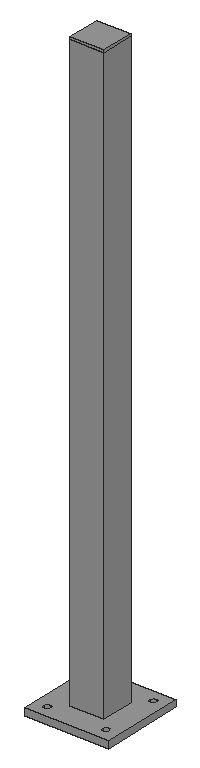
Revit family "Palmshield-Atlas-Louver-Post", category Specialty Equipment, Revit 2025
Family settings
  Round Connector Dimension = Use Diameter
  Part Type = Normal
  OmniClass Number = 23.55.00.00
  OmniClass Title = Manufactured Structures
  Work Plane-Based = No
  Enable Cutting in Views = No
  Always vertical = No
  Cut with Voids When Loaded = No
  Maintain Annotation Orientation = No
  Shared = No
  Room Calculation Point = No
Parameters (values of type "Assembly")
  Warranty URL = "https://palmshieldlouvers.com/wp-content/uploads/2020/01/PalmSHIELD-Warranty-NO-SIGN-LINE.pdf"
  Version = "2020 - v1.0a"  # constant formula
  URL = "https://palmshieldlouvers.com/"
  Product Page URL = "https://palmshieldlouvers.com/products/atlas-louver/"
  Product Documentation Link = "https://palmshieldlouvers.com/wp-content/uploads/2022/10/PalmSHIELD-Horizontal-Louvers-Technical-Data-Sheets-updated-100722.pdf"
  Model = "Atlas - Aluminum - Post Assembly"  # constant formula
  Material = Metal - PalmSHIELD - Dusty Grey
  Manufacturer Phone Number = "531-329-4406 "  # constant formula
  Manufacturer Email = "mailto: info@palmshieldlouvers.com"
  Manufacturer Address = "12330 Cary Circle, La Vista, NE 68128"  # constant formula
  Manufacturer = "PalmSHIELD"  # constant formula
  Keynote = "05 10 00"
  Instruction Sheet Link = "https://palmshieldlouvers.com/wp-content/uploads/2020/01/PalmSHIELD-Post-Panel-Gate-Installation-Instructions-REV-1.pdf"
  ID [instance] = "Not Assigned"
  Height [instance] = if(Desired Overall Height < C Min Height, C Min Height, if(Desired Overall Height > C Max Height, C Max Height, Desired Overall Height))  # 6' - 0"
  Desired Overall Height [instance] = 6' - 0"
  Description = "Atlas - Aluminum"  # constant formula
  Default Elevation = 0' - 0"
  Copyright = "Copyright ©2024 The American Fence Company and PalmSHIELD. All Rights Reserved."  # constant formula
  Component Vis [instance] = yes
  Component Name [instance] = "Atlas - Aluminum - Square Post"  # constant formula
  C Post Width = 0' - 3"  # constant formula
  C Min Height [instance] = 3' - 4"  # constant formula
  C Max Height [instance] = 12' - 0"  # constant formula
  Assembly Code = "F1020100"
Reference planes (in)
  plane 1 "Center (Front/Back)": y = 0
  plane 2: z = 0
  plane 3 "Center (Left/Right)": x = 0
  plane 4: z = 72
  plane 5: y = 1.5
  plane 6: y = -1.5
  plane 7: x = 1.5
  plane 8: x = -1.5
Lines and regions (in)
  reference lines
    curve 1: line (-23.79961, 0, 72) -> (24.20039, 0, 72)
Dimensions and locks (in)
  "Desired Overall Height": curve 1 to plane 2
  "Height": plane 4 to plane 2
  equal spacing: plane 8, plane 3 "Center (Left/Right)", plane 7
  equal spacing: plane 5, plane 1 "Center (Front/Back)", plane 6
  "C Post Width": plane 5 to plane 6
  "C Post Width": plane 8 to plane 7
  aligned and locked: plane 2 to level
Automatic sketch dimensions
  curve 1 to plane 8 = 1' - 10.29961"
  curve 1 to plane 7 = 1' - 10.70039"
Nested families (in)
  nested 1: "Screening-Louver-Assembly-Post-Palmshield-Atlas" at (0, 0, 0), Desired Overall Height <- "Desired Overall Height", Overall Height <- "Height", ID <- "ID", Component Vis <- "Component Vis", type "Assembly"
    with Overall Height 6' - 0", ID "Not Assigned", Desired Overall Height 6' - 0", Component Vis yes, Component Name "Atlas - Post Assembly"
  nested 2: "Nested-Base_Plate-Palmshield-Atlas" at (0, 0, 0), type "10" x 10" x 3/4""
    with Material Metal - PalmSHIELD - Dusty Grey, ID "Not Assigned", Component Name "Atlas - Aluminum - Base Plate"
  nested 3: "Nested-Square_Post-Palmshield-Atlas" at (0, 0, 0.75), type "4" X 4" X 1/4" SQ. TUBE"
    with Material Metal - PalmSHIELD - Dusty Grey, Length 5' - 11", ID "Not Assigned", Component Name "Atlas - Aluminum - Square Post"
  nested 4: "Nested-Top_Cap-Palmshield-Atlas" at (0, 0, 71.75), type "4" x 4" x 1/4""
    with Material Metal - PalmSHIELD - Dusty Grey, ID "Not Assigned", Component Name "Atlas - Aluminum - Square Top Cap"
Definition of nested family "Nested-Base_Plate-Palmshield-Atlas"
  Parameters (values of type "10" x 10" x 3/4"")
    Width = 0' - 10"  # constant formula
    Warranty URL = "https://palmshieldlouvers.com/wp-content/uploads/2020/01/PalmSHIELD-Warranty-NO-SIGN-LINE.pdf"
    Version = "2020 - v1.0a"  # constant formula
    URL = "https://palmshieldlouvers.com/"
    Thickness = 0' - 0 3/4"  # constant formula
    Product Page URL = "https://palmshieldlouvers.com/products/louvers/"
    Product Documentation Link = "https://palmshieldlouvers.com/wp-content/uploads/2022/10/PalmSHIELD-Horizontal-Louvers-Technical-Data-Sheets-updated-100722.pdf"
    Model = "Atlas"  # constant formula
    Material [instance] = none
    Manufacturer Phone Number = "531-329-4406 "  # constant formula
    Manufacturer Fax Number = "Consult Manufacturer Website for More Information"  # constant formula
    Manufacturer Email = "mailto: info@palmshieldlouvers.com"
    Manufacturer Address = "12330 Cary Circle, La Vista, NE 68128"  # constant formula
    Manufacturer = "PalmSHIELD"  # constant formula
    Keynote = "05 10 00"
    Instruction Sheet Link = "https://palmshieldlouvers.com/wp-content/uploads/2020/01/PalmSHIELD-Post-Panel-Gate-Installation-Instructions-REV-1.pdf"
    ID [instance] = ""
    Hole Diameter = 0' - 0 3/4"  # constant formula
    Description = "Atlas - Base Plate"  # constant formula
    Default Elevation = 4' - 0"
    Copyright = "Copyright ©2024 The American Fence Company and PalmSHIELD. All Rights Reserved."  # constant formula
    Component Name [instance] = "Atlas - Aluminum - Base Plate"  # constant formula
    C Hole Offset = 0' - 1 1/2"  # constant formula
    Assembly Code = "F1020100"
  Reference planes (in)
    plane 1 "Center (Front/Back)": y = 0
    plane 2: z = 0
    plane 3 "Center (Left/Right)": x = 0
    plane 4: y = 5
    plane 5: x = 5
    plane 6: y = -5
    plane 7: x = -5
    plane 8: z = 0.75
  Forms (in)
    Extrusion 1, solid
      sketch origin (0, 0, 0) x (1, 0, 0) y (0, 1, 0)
        loop
          line (-48, 48) -> (-48, -48) -> (48, -48) -> (48, 48) -> (-48, 48)
      from 0 to -12
    Extrusion 2, solid, material <- "Material"
      sketch origin (0, 0, 0) x (1, 0, 0) y (0, 1, 0)
        loop
          line (-5, 5) -> (-5, -5) -> (5, -5) -> (5, 5) -> (-5, 5)
        loop
          circle (-3.5, 3.5) r 0.375
        loop
          circle (3.5, 3.5) r 0.375
        loop
          circle (-3.5, -3.5) r 0.375
        loop
          circle (3.5, -3.5) r 0.375
      from 0 to 0.75
  Dimensions and locks (in)
    equal spacing: plane 7, plane 3 "Center (Left/Right)", plane 5
    equal spacing: plane 4, plane 1 "Center (Front/Back)", plane 6
    "Width": plane 7 to plane 5
    "Width": plane 4 to plane 6
    "C Hole Offset": plane 7 to Extrusion 2 sketch curve  (x2)
    "C Hole Offset": Extrusion 2 sketch curve to plane 5  (x2)
    "C Hole Offset": plane 4 to Extrusion 2 sketch curve  (x2)
    "C Hole Offset": plane 6 to Extrusion 2 sketch curve  (x2)
    "Thickness": plane 8 to plane 2
    "Hole Diameter": diameter of Extrusion 2 sketch curve  (x4)
    aligned and locked: plane 2 to Extrusion 1
    aligned and locked: level to Extrusion 1
    aligned and locked: Extrusion 2 sketch curve to plane 4
    aligned and locked: plane 7 to Extrusion 2 sketch curve
    aligned and locked: Extrusion 2 sketch curve to plane 6
    aligned and locked: Extrusion 2 sketch curve to plane 5
    aligned and locked: plane 8 to Extrusion 2
  Automatic sketch dimensions
    Extrusion 1 sketch curve to Extrusion 1 sketch curve = 8' - 0"  (x2)
Definition of nested family "Nested-Square_Post-Palmshield-Atlas"
  Parameters (values of type "4" X 4" X 1/4" SQ. TUBE")
    Width = 0' - 4"  # constant formula
    Warranty URL = "https://palmshieldlouvers.com/wp-content/uploads/2020/01/PalmSHIELD-Warranty-NO-SIGN-LINE.pdf"
    Version = "2020 - v1.0a"  # constant formula
    URL = "https://palmshieldlouvers.com/"
    Thickness = 0' - 0 1/4"  # constant formula
    Product Page URL = "https://palmshieldlouvers.com/products/louvers/"
    Product Documentation Link = "https://palmshieldlouvers.com/wp-content/uploads/2022/10/PalmSHIELD-Horizontal-Louvers-Technical-Data-Sheets-updated-100722.pdf"
    Model = "Atlas"  # constant formula
    Material [instance] = none
    Manufacturer Phone Number = "531-329-4406 "  # constant formula
    Manufacturer Fax Number = "Consult Manufacturer Website for More Information"  # constant formula
    Manufacturer Email = "mailto: info@palmshieldlouvers.com"
    Manufacturer Address = "12330 Cary Circle, La Vista, NE 68128"  # constant formula
    Manufacturer = "PalmSHIELD"  # constant formula
    Length [instance] = 4' - 4.86713"
    Keynote = "05 10 00"
    Instruction Sheet Link = "https://palmshieldlouvers.com/wp-content/uploads/2020/01/PalmSHIELD-Post-Panel-Gate-Installation-Instructions-REV-1.pdf"
    ID [instance] = ""
    Description = "Atlas - Post"  # constant formula
    Default Elevation = 4' - 0"
    Copyright = "Copyright ©2024 The American Fence Company and PalmSHIELD. All Rights Reserved."  # constant formula
    Component Name [instance] = "Atlas - Aluminum - Square Post"  # constant formula
    Assembly Code = "F1020100"
  Reference planes (in)
    plane 1 "Center (Front/Back)": y = 0
    plane 2: z = 0
    plane 3 "Center (Left/Right)": x = 0
    plane 4: z = 52.86713
    plane 5: x = 2
    plane 6: x = -2
  Forms (in)
    Extrusion 1, solid
      sketch origin (0, 0, 0) x (1, 0, 0) y (0, 1, 0)
        loop
          line (-48, 48) -> (-48, -48) -> (48, -48) -> (48, 48) -> (-48, 48)
      from 0 to -12
    Sweep 2, solid, material <- "Material"
      path origin (0, 0, 0) x (0, 1, 0) y (0, 0, 1)
        loop
          line (0, 0) -> (0, 52.86713)
      profile "Profile-Palmshield-Square : 4" X 4" X 1/4" SQ. TUBE" origin (0, 0, 26.43357) x (0, -1, 0) y (1, 0, 0)
        loop
          line (1.75, 1.75) -> (-1.75, 1.75) -> (-1.75, -1.75) -> (1.75, -1.75) -> (1.75, 1.75)
        loop
          line (-2, -2) -> (2, -2) -> (2, 2) -> (-2, 2) -> (-2, -2)
  Dimensions and locks (in)
    "Length": plane 4 to plane 2
    equal spacing: plane 5, plane 3 "Center (Left/Right)", plane 6
    "Width": plane 5 to plane 6
    aligned and locked: plane 2 to Extrusion 1
    aligned and locked: level to Extrusion 1
    aligned and locked: plane 1 "Center (Front/Back)" to Sweep 2 sketch curve
    aligned and locked: plane 4 to Sweep 2 sketch curve
  Automatic sketch dimensions
    Extrusion 1 sketch curve to Extrusion 1 sketch curve = 8' - 0"  (x2)
    Sweep 2 sketch curve to level = 0' - 0"
Definition of nested family "Nested-Top_Cap-Palmshield-Atlas"
  Parameters (values of type "4" x 4" x 1/4"")
    Width = 0' - 4"  # constant formula
    Warranty URL = "https://palmshieldlouvers.com/wp-content/uploads/2020/01/PalmSHIELD-Warranty-NO-SIGN-LINE.pdf"
    Version = "2020 - v1.0a"  # constant formula
    URL = "https://palmshieldlouvers.com/"
    Thickness = 0' - 0 1/4"  # constant formula
    Product Page URL = "https://palmshieldlouvers.com/products/louvers/"
    Product Documentation Link = "https://palmshieldlouvers.com/wp-content/uploads/2022/10/PalmSHIELD-Horizontal-Louvers-Technical-Data-Sheets-updated-100722.pdf"
    Model = "Atlas"  # constant formula
    Material [instance] = none
    Manufacturer Phone Number = "531-329-4406 "  # constant formula
    Manufacturer Fax Number = "Consult Manufacturer Website for More Information"  # constant formula
    Manufacturer Email = "mailto: info@palmshieldlouvers.com"
    Manufacturer Address = "12330 Cary Circle, La Vista, NE 68128"  # constant formula
    Manufacturer = "PalmSHIELD"  # constant formula
    Keynote = "05 10 00"
    Instruction Sheet Link = "https://palmshieldlouvers.com/wp-content/uploads/2020/01/PalmSHIELD-Post-Panel-Gate-Installation-Instructions-REV-1.pdf"
    ID [instance] = ""
    Description = "Atlas - Top Cap"  # constant formula
    Default Elevation = 4' - 0"
    Copyright = "Copyright ©2024 The American Fence Company and PalmSHIELD. All Rights Reserved."  # constant formula
    Component Name [instance] = "Atlas - Aluminum - Square Top Cap"  # constant formula
    Assembly Code = "F1020100"
  Reference planes (in)
    plane 1 "Center (Front/Back)": y = 0
    plane 2: z = 0
    plane 3 "Center (Left/Right)": x = 0
    plane 4: y = 2
    plane 5: x = 2
    plane 6: y = -2
    plane 7: x = -2
    plane 8: z = 0.25
  Forms (in)
    Extrusion 1, solid
      sketch origin (0, 0, 0) x (1, 0, 0) y (0, 1, 0)
        loop
          line (-48, 48) -> (-48, -48) -> (48, -48) -> (48, 48) -> (-48, 48)
      from 0 to -12
    Extrusion 2, solid, material <- "Material"
      sketch origin (0, 0, 0) x (1, 0, 0) y (0, 1, 0)
        loop
          line (-2, 2) -> (-2, -2) -> (2, -2) -> (2, 2) -> (-2, 2)
      from 0 to 0.25
  Dimensions and locks (in)
    equal spacing: plane 7, plane 3 "Center (Left/Right)", plane 5
    equal spacing: plane 4, plane 1 "Center (Front/Back)", plane 6
    "Width": plane 7 to plane 5
    "Width": plane 4 to plane 6
    "Thickness": plane 8 to plane 2
    aligned and locked: plane 2 to Extrusion 1
    aligned and locked: level to Extrusion 1
    aligned and locked: Extrusion 2 sketch curve to plane 4
    aligned and locked: plane 7 to Extrusion 2 sketch curve
    aligned and locked: Extrusion 2 sketch curve to plane 6
    aligned and locked: Extrusion 2 sketch curve to plane 5
    aligned and locked: plane 8 to Extrusion 2
  Automatic sketch dimensions
    Extrusion 1 sketch curve to Extrusion 1 sketch curve = 8' - 0"  (x2)
Definition of nested family "Screening-Louver-Assembly-Post-Palmshield-Atlas"
  Parameters (values of type "Default")
    Width = 0' - 4"  # constant formula
    Warranty URL = "https://palmshieldlouvers.com/wp-content/uploads/2020/01/PalmSHIELD-Warranty-NO-SIGN-LINE.pdf"
    Version = "2020 - v1.0a"  # constant formula
    URL = "https://palmshieldlouvers.com/"
    Top Cap Thickness = 0' - 0 1/4"  # constant formula
    Product Page URL = "https://palmshieldlouvers.com/products/louvers/"
    Product Documentation Link = "https://palmshieldlouvers.com/wp-content/uploads/2022/10/PalmSHIELD-Horizontal-Louvers-Technical-Data-Sheets-updated-100722.pdf"
    Overall Height [instance] = if(Desired Overall Height < 3' 0", 3' 0", if(Desired Overall Height > 12' 0", 12' 0", Desired Overall Height))  # 6' - 0"
    Model = "Atlas - Post Assembly"  # constant formula
    Material = none
    Manufacturer Phone Number = "531-329-4406 "  # constant formula
    Manufacturer Fax Number = "Consult Manufacturer Website for More Information"  # constant formula
    Manufacturer Email = "mailto: info@palmshieldlouvers.com"
    Manufacturer Address = "12330 Cary Circle, La Vista, NE 68128"  # constant formula
    Manufacturer = "PalmSHIELD"  # constant formula
    Keynote = "05 10 00"
    Instruction Sheet Link = "https://palmshieldlouvers.com/wp-content/uploads/2020/01/PalmSHIELD-Post-Panel-Gate-Installation-Instructions-REV-1.pdf"
    ID [instance] = "Not Assigned"
    Gusset Side Offset = 0' - 0 1/2"  # constant formula
    Desired Overall Height [instance] = 6' - 0"
    Description = "Atlas - Post Assembly"  # constant formula
    Default Elevation = 4' - 0"
    Copyright = "Copyright ©2024 The American Fence Company and PalmSHIELD. All Rights Reserved."  # constant formula
    Component Vis [instance] = yes
    Component Name [instance] = "Atlas - Post Assembly"  # constant formula
    C Panel Offset from Ground = 0' - 2"  # constant formula
    Base Plate Thickness = 0' - 0 3/4"  # constant formula
    Assembly Code = "F1020100"
  Reference planes (in)
    plane 1 "Center (Front/Back)": y = 0
    plane 2: z = 0
    plane 3 "Center (Left/Right)": x = 0
    plane 4: x = 2
    plane 5: x = -2
    plane 6: z = 72
    plane 7: z = 71.75
    plane 8: z = 2
  Forms (in)
    Extrusion 1, solid
      sketch origin (0, 0, 0) x (1, 0, 0) y (0, 1, 0)
        loop
          line (-48, 48) -> (-48, -48) -> (48, -48) -> (48, 48) -> (-48, 48)
      from 0 to -12
  Lines and regions (in)
    reference lines
      curve 1: line (-64.16684, 0, 72) -> (79.83316, 0, 72)
  Dimensions and locks (in)
    equal spacing: plane 4, plane 3 "Center (Left/Right)", plane 5
    "Width": plane 4 to plane 5
    "Top Cap Thickness": plane 6 to plane 7
    "C Panel Offset from Ground": plane 8 to plane 2
    "Desired Overall Height": curve 1 to plane 2
    "Overall Height": plane 6 to plane 2
    aligned and locked: plane 2 to Extrusion 1
    aligned and locked: level to Extrusion 1
    aligned and locked: plane 3 "Center (Left/Right)" to nested 1
    aligned and locked: plane 1 "Center (Front/Back)" to nested 1
    aligned and locked: plane 7 to nested 2
    aligned and locked: nested 2 to nested 3
    aligned and locked: plane 1 "Center (Front/Back)" to nested 3
  Automatic sketch dimensions
    Extrusion 1 sketch curve to Extrusion 1 sketch curve = 8' - 0"  (x2)
    curve 1 to plane 5 = 5' - 2.16684"
    plane 4 to curve 1 = 6' - 5.83316"
  Nested families (in)
    nested 1: "Nested-Base_Plate-Palmshield-Atlas" at (0, 0, 0), ID <- "ID", Material <- "Material", visible <- "Component Vis", type "10" x 10" x 3/4""
      with Material none, ID "Not Assigned", Component Name "Atlas - Aluminum - Base Plate"
    nested 2: "Nested-Square_Post-Palmshield-Atlas" at (0, 0, 0.75), ID <- "ID", Material <- "Material", visible <- "Component Vis", type "4" X 4" X 1/4" SQ. TUBE"
      with Material none, Length 5' - 11", ID "Not Assigned", Component Name "Atlas - Aluminum - Square Post"
    nested 3: "Nested-Top_Cap-Palmshield-Atlas" at (0, 0, 71.75), ID <- "ID", Material <- "Material", visible <- "Component Vis", type "4" x 4" x 1/4""
      with Material none, ID "Not Assigned", Component Name "Atlas - Aluminum - Square Top Cap"
  Definition of nested family "Nested-Base_Plate-Palmshield-Atlas"
    Parameters (values of type "10" x 10" x 3/4"")
      Width = 0' - 10"  # constant formula
      Warranty URL = "https://palmshieldlouvers.com/wp-content/uploads/2020/01/PalmSHIELD-Warranty-NO-SIGN-LINE.pdf"
      Version = "2020 - v1.0a"  # constant formula
      URL = "https://palmshieldlouvers.com/"
      Thickness = 0' - 0 3/4"  # constant formula
      Product Page URL = "https://palmshieldlouvers.com/products/louvers/"
      Product Documentation Link = "https://palmshieldlouvers.com/wp-content/uploads/2022/10/PalmSHIELD-Horizontal-Louvers-Technical-Data-Sheets-updated-100722.pdf"
      Model = "Atlas"  # constant formula
      Material [instance] = none
      Manufacturer Phone Number = "531-329-4406 "  # constant formula
      Manufacturer Fax Number = "Consult Manufacturer Website for More Information"  # constant formula
      Manufacturer Email = "mailto: info@palmshieldlouvers.com"
      Manufacturer Address = "12330 Cary Circle, La Vista, NE 68128"  # constant formula
      Manufacturer = "PalmSHIELD"  # constant formula
      Keynote = "05 10 00"
      Instruction Sheet Link = "https://palmshieldlouvers.com/wp-content/uploads/2020/01/PalmSHIELD-Post-Panel-Gate-Installation-Instructions-REV-1.pdf"
      ID [instance] = ""
      Hole Diameter = 0' - 0 3/4"  # constant formula
      Description = "Atlas - Base Plate"  # constant formula
      Default Elevation = 4' - 0"
      Copyright = "Copyright ©2024 The American Fence Company and PalmSHIELD. All Rights Reserved."  # constant formula
      Component Name [instance] = "Atlas - Aluminum - Base Plate"  # constant formula
      C Hole Offset = 0' - 1 1/2"  # constant formula
      Assembly Code = "F1020100"
    Reference planes (in)
      plane 1 "Center (Front/Back)": y = 0
      plane 2: z = 0
      plane 3 "Center (Left/Right)": x = 0
      plane 4: y = 5
      plane 5: x = 5
      plane 6: y = -5
      plane 7: x = -5
      plane 8: z = 0.75
    Forms (in)
      Extrusion 1, solid
        sketch origin (0, 0, 0) x (1, 0, 0) y (0, 1, 0)
          loop
            line (-48, 48) -> (-48, -48) -> (48, -48) -> (48, 48) -> (-48, 48)
        from 0 to -12
      Extrusion 2, solid, material <- "Material"
        sketch origin (0, 0, 0) x (1, 0, 0) y (0, 1, 0)
          loop
            line (-5, 5) -> (-5, -5) -> (5, -5) -> (5, 5) -> (-5, 5)
          loop
            circle (-3.5, 3.5) r 0.375
          loop
            circle (3.5, 3.5) r 0.375
          loop
            circle (-3.5, -3.5) r 0.375
          loop
            circle (3.5, -3.5) r 0.375
        from 0 to 0.75
    Dimensions and locks (in)
      equal spacing: plane 7, plane 3 "Center (Left/Right)", plane 5
      equal spacing: plane 4, plane 1 "Center (Front/Back)", plane 6
      "Width": plane 7 to plane 5
      "Width": plane 4 to plane 6
      "C Hole Offset": plane 7 to Extrusion 2 sketch curve  (x2)
      "C Hole Offset": Extrusion 2 sketch curve to plane 5  (x2)
      "C Hole Offset": plane 4 to Extrusion 2 sketch curve  (x2)
      "C Hole Offset": plane 6 to Extrusion 2 sketch curve  (x2)
      "Thickness": plane 8 to plane 2
      "Hole Diameter": diameter of Extrusion 2 sketch curve  (x4)
      aligned and locked: plane 2 to Extrusion 1
      aligned and locked: level to Extrusion 1
      aligned and locked: Extrusion 2 sketch curve to plane 4
      aligned and locked: plane 7 to Extrusion 2 sketch curve
      aligned and locked: Extrusion 2 sketch curve to plane 6
      aligned and locked: Extrusion 2 sketch curve to plane 5
      aligned and locked: plane 8 to Extrusion 2
    Automatic sketch dimensions
      Extrusion 1 sketch curve to Extrusion 1 sketch curve = 8' - 0"  (x2)
  Definition of nested family "Nested-Square_Post-Palmshield-Atlas"
    Parameters (values of type "4" X 4" X 1/4" SQ. TUBE")
      Width = 0' - 4"  # constant formula
      Warranty URL = "https://palmshieldlouvers.com/wp-content/uploads/2020/01/PalmSHIELD-Warranty-NO-SIGN-LINE.pdf"
      Version = "2020 - v1.0a"  # constant formula
      URL = "https://palmshieldlouvers.com/"
      Thickness = 0' - 0 1/4"  # constant formula
      Product Page URL = "https://palmshieldlouvers.com/products/louvers/"
      Product Documentation Link = "https://palmshieldlouvers.com/wp-content/uploads/2022/10/PalmSHIELD-Horizontal-Louvers-Technical-Data-Sheets-updated-100722.pdf"
      Model = "Atlas"  # constant formula
      Material [instance] = none
      Manufacturer Phone Number = "531-329-4406 "  # constant formula
      Manufacturer Fax Number = "Consult Manufacturer Website for More Information"  # constant formula
      Manufacturer Email = "mailto: info@palmshieldlouvers.com"
      Manufacturer Address = "12330 Cary Circle, La Vista, NE 68128"  # constant formula
      Manufacturer = "PalmSHIELD"  # constant formula
      Length [instance] = 4' - 4.86713"
      Keynote = "05 10 00"
      Instruction Sheet Link = "https://palmshieldlouvers.com/wp-content/uploads/2020/01/PalmSHIELD-Post-Panel-Gate-Installation-Instructions-REV-1.pdf"
      ID [instance] = ""
      Description = "Atlas - Post"  # constant formula
      Default Elevation = 4' - 0"
      Copyright = "Copyright ©2024 The American Fence Company and PalmSHIELD. All Rights Reserved."  # constant formula
      Component Name [instance] = "Atlas - Aluminum - Square Post"  # constant formula
      Assembly Code = "F1020100"
    Reference planes (in)
      plane 1 "Center (Front/Back)": y = 0
      plane 2: z = 0
      plane 3 "Center (Left/Right)": x = 0
      plane 4: z = 52.86713
      plane 5: x = 2
      plane 6: x = -2
    Forms (in)
      Extrusion 1, solid
        sketch origin (0, 0, 0) x (1, 0, 0) y (0, 1, 0)
          loop
            line (-48, 48) -> (-48, -48) -> (48, -48) -> (48, 48) -> (-48, 48)
        from 0 to -12
      Sweep 2, solid, material <- "Material"
        path origin (0, 0, 0) x (0, 1, 0) y (0, 0, 1)
          loop
            line (0, 0) -> (0, 52.86713)
        profile "Profile-Palmshield-Square : 4" X 4" X 1/4" SQ. TUBE" origin (0, 0, 26.43357) x (0, -1, 0) y (1, 0, 0)
          loop
            line (1.75, 1.75) -> (-1.75, 1.75) -> (-1.75, -1.75) -> (1.75, -1.75) -> (1.75, 1.75)
          loop
            line (-2, -2) -> (2, -2) -> (2, 2) -> (-2, 2) -> (-2, -2)
    Dimensions and locks (in)
      "Length": plane 4 to plane 2
      equal spacing: plane 5, plane 3 "Center (Left/Right)", plane 6
      "Width": plane 5 to plane 6
      aligned and locked: plane 2 to Extrusion 1
      aligned and locked: level to Extrusion 1
      aligned and locked: plane 1 "Center (Front/Back)" to Sweep 2 sketch curve
      aligned and locked: plane 4 to Sweep 2 sketch curve
    Automatic sketch dimensions
      Extrusion 1 sketch curve to Extrusion 1 sketch curve = 8' - 0"  (x2)
      Sweep 2 sketch curve to level = 0' - 0"
  Definition of nested family "Nested-Top_Cap-Palmshield-Atlas"
    Parameters (values of type "4" x 4" x 1/4"")
      Width = 0' - 4"  # constant formula
      Warranty URL = "https://palmshieldlouvers.com/wp-content/uploads/2020/01/PalmSHIELD-Warranty-NO-SIGN-LINE.pdf"
      Version = "2020 - v1.0a"  # constant formula
      URL = "https://palmshieldlouvers.com/"
      Thickness = 0' - 0 1/4"  # constant formula
      Product Page URL = "https://palmshieldlouvers.com/products/louvers/"
      Product Documentation Link = "https://palmshieldlouvers.com/wp-content/uploads/2022/10/PalmSHIELD-Horizontal-Louvers-Technical-Data-Sheets-updated-100722.pdf"
      Model = "Atlas"  # constant formula
      Material [instance] = none
      Manufacturer Phone Number = "531-329-4406 "  # constant formula
      Manufacturer Fax Number = "Consult Manufacturer Website for More Information"  # constant formula
      Manufacturer Email = "mailto: info@palmshieldlouvers.com"
      Manufacturer Address = "12330 Cary Circle, La Vista, NE 68128"  # constant formula
      Manufacturer = "PalmSHIELD"  # constant formula
      Keynote = "05 10 00"
      Instruction Sheet Link = "https://palmshieldlouvers.com/wp-content/uploads/2020/01/PalmSHIELD-Post-Panel-Gate-Installation-Instructions-REV-1.pdf"
      ID [instance] = ""
      Description = "Atlas - Top Cap"  # constant formula
      Default Elevation = 4' - 0"
      Copyright = "Copyright ©2024 The American Fence Company and PalmSHIELD. All Rights Reserved."  # constant formula
      Component Name [instance] = "Atlas - Aluminum - Square Top Cap"  # constant formula
      Assembly Code = "F1020100"
    Reference planes (in)
      plane 1 "Center (Front/Back)": y = 0
      plane 2: z = 0
      plane 3 "Center (Left/Right)": x = 0
      plane 4: y = 2
      plane 5: x = 2
      plane 6: y = -2
      plane 7: x = -2
      plane 8: z = 0.25
    Forms (in)
      Extrusion 1, solid
        sketch origin (0, 0, 0) x (1, 0, 0) y (0, 1, 0)
          loop
            line (-48, 48) -> (-48, -48) -> (48, -48) -> (48, 48) -> (-48, 48)
        from 0 to -12
      Extrusion 2, solid, material <- "Material"
        sketch origin (0, 0, 0) x (1, 0, 0) y (0, 1, 0)
          loop
            line (-2, 2) -> (-2, -2) -> (2, -2) -> (2, 2) -> (-2, 2)
        from 0 to 0.25
    Dimensions and locks (in)
      equal spacing: plane 7, plane 3 "Center (Left/Right)", plane 5
      equal spacing: plane 4, plane 1 "Center (Front/Back)", plane 6
      "Width": plane 7 to plane 5
      "Width": plane 4 to plane 6
      "Thickness": plane 8 to plane 2
      aligned and locked: plane 2 to Extrusion 1
      aligned and locked: level to Extrusion 1
      aligned and locked: Extrusion 2 sketch curve to plane 4
      aligned and locked: plane 7 to Extrusion 2 sketch curve
      aligned and locked: Extrusion 2 sketch curve to plane 6
      aligned and locked: Extrusion 2 sketch curve to plane 5
      aligned and locked: plane 8 to Extrusion 2
    Automatic sketch dimensions
      Extrusion 1 sketch curve to Extrusion 1 sketch curve = 8' - 0"  (x2)
